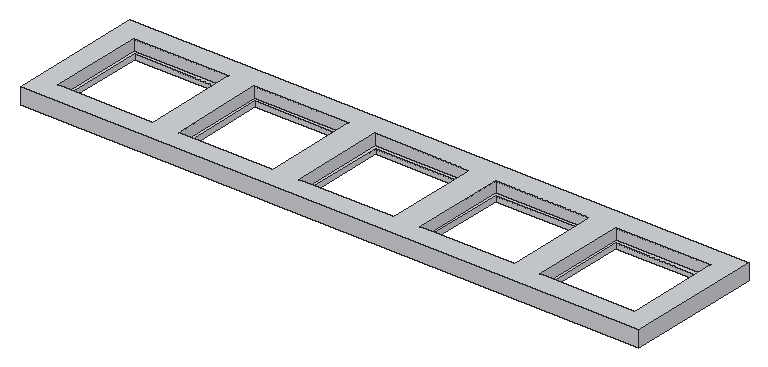
Revit family "Gira_021522", category Electrical Fixtures, host Face, Revit 2017
Family settings
  Host = Face
  Maintain Annotation Orientation = No
  Round Connector Dimension = Use Diameter
  Part Type = Normal
  Cut with Voids When Loaded = No
  Shared = No
  Room Calculation Point = No
Parameters (values of type "Cov.fr. 5-g Gira E2 p.white m")
  With mounting grid = "No"
  With hinged lid = "No"
  URL = "http://katalog.gira.de/en/datenblatt.html?artikelnr=021522"
  Type of fastening = "Clamp mounting"
  Transparent = "No"
  Surface protection = "Other"
  Surface finishing = "Matt"
  Suitable for wall duct = "No"
  Suitable for flush-mounted installation = "Yes"
  Suitable for floor box = "No"
  Suitable for built-in installation = "No"
  Number of units vertical = "5"
  Number of units horizontal = "5"
  Number of units = "5"
  Name = "Cov.fr. 5-g Gira E2 p.white m"
  Mounting direction = "Horizontal and vertical"
  Material quality = "Thermoplastic"
  Material = "Plastic"
  Manufacturer URL = "https://www.gira.de/"
  Manufacturer = "Gira"
  Label space/information surface = "No"
  Keynote = ""
  HeinzeBIM = "https://bimportal.heinze.de/bim/cov-fr-5-g-gira-e2-p-white-m/500067b22d486489a729e9de57c4c0f2af78977e"
  Halogen free = "Yes"
  HAN = "021522"
  GTIN = "4010337215226"
  Description = "Cov.fr.5g E2 PWm,Gira E2 cover frame,pure white matt,5-gang,Features:,- Shatter-proof.,,Notes :,- Also suitable for duct installation.,- In connection with the seal kit, frame (1-gang to 5-gang) is also suitable for installation as water-protected flush-mounted IP44."
  Degree of protection (IP) = "IP20"
  Default Elevation = 1219.2 mm
  Data sheet (1) = "https://katalog.gira.de/en/download.html?artikelnr=021522"
  Colour = "White"
  Category = "Cover frame for domestic switching devices"
  BIM (1) = "https://media.stage.bim.site/public/gira/36a6b08/E2_Rahmen_5fach.rfa"
  Available = "No"
Reference planes
  plane 1 "Center (Front/Back)": y = 0
  plane 2: z = 0
  plane 3 "Center (Left/Right)": x = 0
Forms (mm)
  Extrusion 1, solid, detail levels fine
    sketch origin (0, 0, 0) x (1, 0, 0) y (0, 1, 0)
      loop
        line (183, 40.4) -> (-183, 40.4) -> (-183, -40.4) -> (183, -40.4) -> (183, 40.4)
      loop
        line (114.548, 28.052) -> (114.548, -28.052) -> (170.652, -28.052) -> (170.652, 28.052) -> (114.548, 28.052)
      loop
        line (43.248, 28.052) -> (43.248, -28.052) -> (99.352, -28.052) -> (99.352, 28.052) -> (43.248, 28.052)
      loop
        line (-28.052, 28.052) -> (-28.052, -28.052) -> (28.052, -28.052) -> (28.052, 28.052) -> (-28.052, 28.052)
      loop
        line (-99.352, 28.052) -> (-99.352, -28.052) -> (-43.248, -28.052) -> (-43.248, 28.052) -> (-99.352, 28.052)
      loop
        line (-170.652, 28.052) -> (-170.652, -28.052) -> (-114.548, -28.052) -> (-114.548, 28.052) -> (-170.652, 28.052)
    from 0 to 9.3
  Extrusion 2, solid, detail levels fine
    sketch origin (-142.5, 0, 0) x (1, 0, 0) y (0, 1, 0)
      loop
        line (-28.152, -28.152) -> (28.152, -28.152) -> (28.152, 28.152) -> (-28.152, 28.152) -> (-28.152, -28.152)
      loop
        line (25.9, -25.7) -> (25.9, 25.7) -> (-25.9, 25.7) -> (-25.9, -25.7) -> (25.9, -25.7)
    from 0 to 3
  Extrusion 3, solid, detail levels coarse+medium
    sketch origin (0, 0, 0) x (1, 0, 0) y (0, 1, 0)
      loop
        line (183, 40.4) -> (-183, 40.4) -> (-183, -40.4) -> (183, -40.4) -> (183, 40.4)
    from 0 to 9.3
  Extrusion 4, solid, detail levels fine
    sketch origin (0.1, -0.047, 0) x (1, 0, 0) y (0, 1, 0)
      loop
        line (-28.152, -28.106) -> (28.152, -28.106) -> (28.152, 28.199) -> (-28.152, 28.199) -> (-28.152, -28.106)
      loop
        line (25.9, -25.653) -> (25.9, 25.747) -> (-25.9, 25.747) -> (-25.9, -25.653) -> (25.9, -25.653)
    from 0 to 3
  Extrusion 5, solid, detail levels fine
    sketch origin (142.5, -0.047, 0) x (1, 0, 0) y (0, 1, 0)
      loop
        line (-27.952, -28.006) -> (28.152, -28.006) -> (28.152, 28.099) -> (-27.952, 28.099) -> (-27.952, -28.006)
      loop
        line (26, -25.653) -> (26, 25.747) -> (-25.9, 25.747) -> (-25.9, -25.653) -> (26, -25.653)
    from 0 to 3
  Extrusion 6, solid, detail levels fine
    sketch origin (71.2, -0.047, 0) x (1, 0, 0) y (0, 1, 0)
      loop
        line (-27.952, -28.006) -> (28.152, -28.006) -> (28.152, 28.099) -> (-27.952, 28.099) -> (-27.952, -28.006)
      loop
        line (26, -25.653) -> (26, 25.747) -> (-25.9, 25.747) -> (-25.9, -25.653) -> (26, -25.653)
    from 0 to 3
  Extrusion 7, solid, detail levels fine
    sketch origin (-71.2, -0.047, 0) x (1, 0, 0) y (0, 1, 0)
      loop
        line (-28.152, -28.106) -> (28.152, -28.106) -> (28.152, 28.199) -> (-28.152, 28.199) -> (-28.152, -28.106)
      loop
        line (25.9, -25.653) -> (25.9, 25.747) -> (-25.9, 25.747) -> (-25.9, -25.653) -> (25.9, -25.653)
    from 0 to 3
Dimensions and locks
  aligned and locked: plane 2 to host face
  aligned and locked: level to host face
